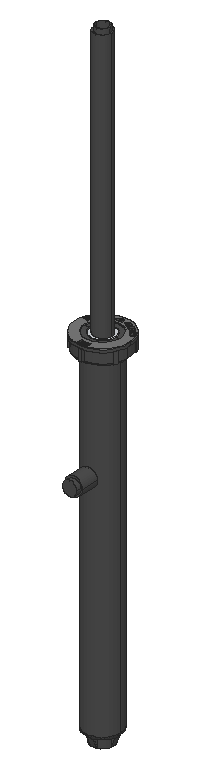
Revit family "Spray Bodies RD1800-S-P-30-F Series", category Acessórios do tubo, Revit 2020
Family settings
  Cota do conector redondo = Utilizar diâmetro
  Tipo de parte = Normal
  Número OmniClass = 23.60.30.11.14
  Título OmniClass = Pipework Fittings
  Com base no plano de trabalho = Não
  Sempre na vertical = Sim
  Corte com vazios quando carregada = Não
  Compartilhado = Não
Parameters (values of type "RD1812-S-P-30-F")
  White Plastic = White Plastic
  URL = "https://www.rainbird.com/"
  SupportProjetos: Reviw Date = "15/11/2020"  # constant formula
  SupportProjetos: Reviw = "R01"  # constant formula
  SupportProjetos: Level of Detail = "LOD 300"  # constant formula
  SupportProjetos: Developed = "MICHEL SOARES MOTA"  # constant formula
  SupportProjetos: Creation Date = "13/07/2020"  # constant formula
  Side inlet = Model > 1805  # yes
  RainBird: Product Link = "https://store.rainbird.com/sprinklers/spray-heads.html?sprays_sprayheadseries=117"
  RainBird: Description = "Spray Bodies Serie ED1800 - Model RD1812-S-P-30-F"
  RainBird: Comment [instance] = ""
  RT = 0.3015 cm
  RN = 1 cm
  R5 = 1 cm
  R4 = 1.25 cm
  R3 = 2 cm
  R2 = 2.85 cm
  R1 = 1 cm
  R-VAN = yes
  Pop up height = 30.5 cm
  Pop up on [instance] = yes
  Modelo = "RD1812-S-P-P30-F"
  Model = 1812
  H1 = Body height / 3  # 13.5333 cm
  Elevação padrão = 0 cm
  Descrição = RainBird: Description  # "Spray Bodies Serie ED1800 - Model RD1812-S-P-30-F"
  DT8 = 0.08 cm
  DT7 = 3.05 cm
  DT6 = 2 cm
  DT5 = 0.12 cm
  DT4 = 0.5 cm
  DT3 = 0.7973 cm
  DT2 = 1 cm
  DT1 = 1.4 cm
  DD9 = 2 cm
  DD8 [instance] = if(Pop up on, Pop up height, 0 cm)  # 30.5 cm
  DD7 = 0.6 cm
  DD6 = 0.3 cm
  DD5 = 0.2 cm
  DD3 = 1.8 cm
  DD2 = 0.5 cm
  DD13 = 1.5 cm
  DD12 [instance] = if(Pop up on, Pop up height + 1.51 cm, 0 cm)  # 32.01 cm
  DD11 = 0.6254 cm
  DD10 = 2.5 cm
  DD1 = 1.2 cm
  Conection = 1.91 cm  # constant formula
  Body height = 40.6 cm
  Black Plastic 2 = Black Plastic 2
  Black Plastic = Black Plastic
  Arch Angle [instance] = 180.00°
  AA1 = 135.00°
  1812 = yes
  1806 = no
  1804 = no
  180 = no
Types (4, lengths in cm): name | Side inlet | RainBird: Description | Pop up height | Modelo | Model | H1 | Descrição | DD9 | DD8 | DD12 | DD11 | DD10 | Body height | 1812 | 1806 | 1804 | 180
  (no name) | yes | "Spray Bodies Serie ED1800 - Model RD1812-S-P-30-F" | 30.5 | "RD1812-S-P-P30-F" | 1812 | 13.5333 | "Spray Bodies Serie ED1800 - Model RD1812-S-P-30-F" | 2 | 30.5 | 32.01 | 0.6254 | 2.5 | 40.6 | yes | no | no | no
  RD1804-S-P-30-F | no | "Spray Bodies Serie RD1800 - Model RD1804-S-P-30-F" | 10.2 | "RD1804-S-P-30-F" | 1804 | 5.0667 | "Spray Bodies Serie RD1800 - Model RD1804-S-P-30-F" | 1.3673 | 10.2 | 11.71 | 0.2 | 2.7818 | 15.2 | no | no | yes | yes
  RD1806-S-P-30-F | yes | "Spray Bodies Serie RD1800 - Model RD1806-S-P-30-F" | 15.2 | "RD1806-S-P-30-F" | 1806 | 7.9333 | "Spray Bodies Serie RD1800 - Model RD1806-S-P-30-F" | 1.3673 | 15.2 | 16.71 | 0.1 | 2.7818 | 23.8 | no | yes | no | yes
  RD1812-S-P-30-F | yes | "Spray Bodies Serie ED1800 - Model RD1812-S-P-30-F" | 30.5 | "RD1812-S-P-P30-F" | 1812 | 13.5333 | "Spray Bodies Serie ED1800 - Model RD1812-S-P-30-F" | 2 | 30.5 | 32.01 | 0.6254 | 2.5 | 40.6 | yes | no | no | no
Reference planes (cm)
  plane 1 "Centro (Frente/Trás)": y = 0
  plane 2: z = 0
  plane 3 "Centro (Esquerda/Direita)": x = 0
  plane 4: z = 0.12
  plane 5: z = 0.08
  plane 6: y = -2
Forms (cm)
  Revolve 1, solid, material "Black Plastic" <- "Black Plastic"
    sketch origin (0, 0, 0) x (1, 0, 0) y (0, 0, 1)
      loop
        line (2.85, -1.5672) -> (2.85, -0.3) -> (3.05, -0.3) -> (3.05, 0) -> (1.4, 0) -> (1.4, -1) -> (1, -1) -> (1, -30.5) -> (0.6, -30.5) -> (0.6, -39.4) -> (1, -39.4) -> (1, -40.6) -> (1.25, -40.6) -> (1.25, -39.4) -> (1.6985, -39.4)
        arc (1.6985, -39.4) -> (1.9117, -39.3117) -> (2, -39.0985) r 0.3015
        line (2, -39.0985) -> (2, -2.1015)
        arc (2, -2.1015) -> (2.0883, -1.8883) -> (2.3015, -1.8) r 0.3015
        line (2.3015, -1.8) -> (2.6172, -1.8) -> (2.85, -1.5672)
      axis (0, -40.6) -> (0, 0)
    angle from 0 to 360
  Extrusion 2, solid, material "Black Plastic" <- "Black Plastic"
    sketch origin (0, 0, 0) x (1, 0, 0) y (0, 1, 0)
      loop
        circle (0, 0) r 1
    from -30.5 to 30.5
  Extrusion 3, void
    sketch origin (0, 0, 0) x (1, 0, 0) y (0, 1, 0)
      loop
        circle (0, 0) r 1
      loop
        circle (0, 0) r 0.7973
    from 30 to 30.5
  Extrusion 4, solid, material "Black Plastic" <- "Black Plastic", visible <- "180"
    sketch origin (0, -2.5, 0) x (1, 0, 0) y (0, 1, 0)
      loop
        line (-2.231, 3.2135) -> (-2.1644, 3.3339) -> (-2.3679, 3.3844) -> (-2.2992, 3.5085) -> (-2.0365, 3.4904) -> (-1.9715, 3.608) -> (-2.2887, 3.6298) -> (-2.4263, 3.706) -> (-2.6398, 3.6445) -> (-2.8298, 3.3622) -> (-2.231, 3.2135)
      loop
        line (-2.6663, 3.4585) -> (-2.4339, 3.4008) -> (-2.3526, 3.5478) -> (-2.4178, 3.6107) -> (-2.5587, 3.5701) -> (-2.6663, 3.4585)
      loop
        line (-1.9163, 3.7039) -> (-1.8175, 3.8064) -> (-1.8808, 3.8933) -> (-1.7232, 4.0568) -> (-1.6371, 4.0092) -> (-1.5763, 4.1193) -> (-2.1283, 4.1963) -> (-2.2118, 4.1098) -> (-1.9163, 3.7039)
      loop
        line (-2.0723, 4.0915) -> (-1.9537, 3.9286) -> (-1.8139, 4.0736) -> (-2.0723, 4.0915)
      loop
        line (-1.8177, 4.5186) -> (-1.3486, 4.2146) -> (-1.2727, 4.2934) -> (-1.7417, 4.5974) -> (-1.8177, 4.5186)
      loop
        line (-1.1151, 4.372) -> (-1.0305, 4.4599) -> (-1.2636, 4.6846) -> (-0.7593, 4.6142) -> (-0.6667, 4.7103) -> (-1.0803, 5.0567) -> (-1.1605, 4.9984) -> (-0.8466, 4.7354) -> (-1.4131, 4.8145) -> (-1.5049, 4.7477) -> (-1.1151, 4.372)
      loop
        line (-0.4562, 4.9237) -> (-0.283, 4.8466) -> (-0.0843, 4.7934) -> (0, 4.9138) -> (0.2358, 4.8722) -> (0.2981, 4.9345) -> (0.116, 5.0156) -> (0.2085, 5.1477) -> (-0.0336, 5.3172) -> (-0.0336, 5.1849) -> (-0.0336, 5.0821) -> (-0.1724, 5.1439) -> (-0.2428, 5.1033) -> (-0.1476, 5.0081) -> (-0.274, 4.9621) -> (-0.4562, 4.9237)
      loop
        line (0.6147, 4.7728) -> (0.9327, 4.5929) -> (1.0885, 4.5721) -> (1.1808, 4.6694) -> (1.1317, 4.7723) -> (1.2619, 4.7549) -> (1.334, 4.8309) -> (1.2754, 4.9539) -> (0.9573, 5.1338) -> (0.6147, 4.7728)
      loop
        line (0.8462, 4.8897) -> (0.7501, 4.7884) -> (0.9556, 4.6722) -> (1.0744, 4.6732) -> (1.0734, 4.7801) -> (0.8462, 4.8897)
      loop
        line (0.9989, 5.0507) -> (0.9222, 4.9699) -> (1.1173, 4.8595) -> (1.2037, 4.8602) -> (1.1883, 4.9435) -> (0.9989, 5.0507)
      loop
        line (1.2199, 4.4305) -> (1.3171, 4.3754) -> (1.7079, 4.7092) -> (1.6106, 4.7642) -> (1.2199, 4.4305)
      loop
        line (1.9335, 4.5079) -> (1.472, 4.2878) -> (1.5637, 4.2008) -> (1.7245, 4.2775) -> (1.8813, 4.1484) -> (1.7689, 4.0299) -> (1.857, 3.9063) -> (1.985, 3.9976) -> (2.0031, 4.1334) -> (2.1114, 4.0951) -> (2.2369, 4.155) -> (2.156, 4.3246) -> (1.9335, 4.5079)
      loop
        line (1.9261, 4.4053) -> (1.8225, 4.3559) -> (1.9436, 4.2141) -> (2.1112, 4.2155) -> (2.0556, 4.3321) -> (1.9261, 4.4053)
      loop
        line (1.9557, 3.8215) -> (2.1968, 3.4836) -> (2.3925, 3.4143) -> (2.7137, 3.5675) -> (2.6804, 3.6964) -> (2.4921, 3.9603) -> (1.9557, 3.8215)
      loop
        line (2.1302, 3.7523) -> (2.2577, 3.5736) -> (2.4889, 3.5756) -> (2.5959, 3.652) -> (2.4629, 3.8384) -> (2.1302, 3.7523)
      loop
        line (-0.516, -0.0627) -> (-0.4245, -0.0627) -> (-0.4245, -0.3834) -> (-0.3366, -0.3834) -> (-0.3366, 0.1166) -> (-0.516, -0.0627)
      loop
        line (-0.2745, 0.1165) -> (-0.2745, -0.3834) -> (-0.0345, -0.3834) -> (-0.0345, 0.1165) -> (-0.2745, 0.1165)
      loop
        line (-0.1945, 0.0365) -> (-0.1945, -0.0861) -> (-0.1145, -0.0861) -> (-0.1145, 0.0365) -> (-0.1945, 0.0365)
      loop
        line (-0.1945, -0.1661) -> (-0.1945, -0.3034) -> (-0.1145, -0.3034) -> (-0.1145, -0.1661) -> (-0.1945, -0.1661)
      loop
        line (0.0395, 0.1165) -> (0.0395, -0.3834) -> (0.2795, -0.3834) -> (0.2795, 0.1165) -> (0.0395, 0.1165)
      loop
        line (0.1195, 0.0365) -> (0.1195, -0.3034) -> (0.1995, -0.3034) -> (0.1995, 0.0365) -> (0.1195, 0.0365)
    from 0 to 0.12
  Extrusion 5, solid, material "Black Plastic 2" <- "Black Plastic 2"
    sketch origin (0, 0, 0) x (1, 0, 0) y (0, 1, 0)
      loop
        circle (0, 0) r 3.05
      loop
        circle (0, 0) r 2
    from 0 to 0.08
  Extrusion 6, solid, material "Black Plastic" <- "Black Plastic", visible <- "Side inlet"
    sketch origin (0, 0, 0) x (1, 0, 0) y (0, 0, 1)
      loop
        circle (0, -13.5333) r 1
    from 2 to 4
  Extrusion 7, solid, material "Black Plastic" <- "Black Plastic", visible <- "Side inlet"
    sketch origin (0, 0, 0) x (1, 0, 0) y (0, 0, 1)
      loop
        circle (0, -13.5333) r 0.7964
    from 4 to 4.5
  Extrusion 8, void
    sketch origin (0, 0, 0) x (1, 0, 0) y (0, 1, 0)
      loop
        circle (0, 0) r 0.6963
    from -30.5 to 30.5
  Extrusion 9, solid, material "Black Plastic" <- "Black Plastic"
    sketch origin (0, 0, 0) x (0, 1, 0) y (0, 0, 1)
      loop
        line (1.25, -39.4) -> (1.25, -40.6) -> (1.75, -39.4) -> (1.25, -39.4)
      loop
        line (-1.25, -39.4) -> (-1.75, -39.4) -> (-1.25, -40.6) -> (-1.25, -39.4)
    from -0.3127 to 0.3127
  Extrusion 10, solid, material "Black Plastic" <- "Black Plastic"
    sketch origin (0, 0, 0) x (-1, 0, 0) y (0, 0, 1)
      loop
        line (1.25, -39.4) -> (1.25, -40.6) -> (1.75, -39.4) -> (1.25, -39.4)
      loop
        line (-1.25, -39.4) -> (-1.75, -39.4) -> (-1.25, -40.6) -> (-1.25, -39.4)
    from -0.3127 to 0.3127
  Extrusion 11, solid, material "Black Plastic" <- "Black Plastic", visible <- "1804"
    sketch origin (0.5778, -2.5, 0) x (1, 0, 0) y (0, 1, 0)
      loop
        line (-0.268, -0.156) -> (-0.108, -0.156) -> (-0.108, -0.3834) -> (-0.024, -0.3834) -> (-0.024, 0.1165) -> (-0.108, 0.1165) -> (-0.108, -0.0861) -> (-0.188, -0.0861) -> (-0.188, 0.1165) -> (-0.268, 0.1165) -> (-0.268, -0.156)
    from 0 to 0.12
  Extrusion 12, solid, material "Black Plastic" <- "Black Plastic", visible <- "1806"
    sketch origin (0.5778, -2.5, 0) x (1, 0, 0) y (0, 1, 0)
      loop
        line (-0.268, -0.3834) -> (-0.024, -0.3834) -> (-0.024, -0.0861) -> (-0.188, -0.0861) -> (-0.188, 0.0365) -> (-0.024, 0.0365) -> (-0.024, 0.1165) -> (-0.268, 0.1165) -> (-0.268, -0.3834)
      loop
        line (-0.188, -0.1661) -> (-0.188, -0.3034) -> (-0.108, -0.3034) -> (-0.108, -0.1661) -> (-0.188, -0.1661)
    from 0 to 0.12
  Extrusion 13, solid, material "Black Plastic" <- "Black Plastic", visible <- "1812"
    sketch origin (0, -2.5, 0) x (1, 0, 0) y (0, 1, 0)
      loop
        line (-2.231, 3.2135) -> (-2.1644, 3.3339) -> (-2.3679, 3.3844) -> (-2.2992, 3.5085) -> (-2.0365, 3.4904) -> (-1.9715, 3.608) -> (-2.2887, 3.6298) -> (-2.4263, 3.706) -> (-2.6398, 3.6445) -> (-2.8298, 3.3622) -> (-2.231, 3.2135)
      loop
        line (-2.6663, 3.4585) -> (-2.4339, 3.4008) -> (-2.3526, 3.5478) -> (-2.4178, 3.6107) -> (-2.5587, 3.5701) -> (-2.6663, 3.4585)
      loop
        line (-1.9163, 3.7039) -> (-1.8175, 3.8064) -> (-1.8808, 3.8933) -> (-1.7232, 4.0568) -> (-1.6371, 4.0092) -> (-1.5763, 4.1193) -> (-2.1283, 4.1963) -> (-2.2118, 4.1098) -> (-1.9163, 3.7039)
      loop
        line (-2.0723, 4.0915) -> (-1.9537, 3.9286) -> (-1.8139, 4.0736) -> (-2.0723, 4.0915)
      loop
        line (-1.8177, 4.5186) -> (-1.3486, 4.2146) -> (-1.2727, 4.2934) -> (-1.7417, 4.5974) -> (-1.8177, 4.5186)
      loop
        line (-1.1151, 4.372) -> (-1.0305, 4.4599) -> (-1.2636, 4.6846) -> (-0.7593, 4.6142) -> (-0.6667, 4.7103) -> (-1.0803, 5.0567) -> (-1.1605, 4.9984) -> (-0.8466, 4.7354) -> (-1.4131, 4.8145) -> (-1.5049, 4.7477) -> (-1.1151, 4.372)
      loop
        line (-0.4562, 4.9237) -> (-0.283, 4.8466) -> (-0.0843, 4.7934) -> (0, 4.9138) -> (0.2358, 4.8722) -> (0.2981, 4.9345) -> (0.116, 5.0156) -> (0.2085, 5.1477) -> (-0.0336, 5.3172) -> (-0.0336, 5.1849) -> (-0.0336, 5.0821) -> (-0.1724, 5.1439) -> (-0.2428, 5.1033) -> (-0.1476, 5.0081) -> (-0.274, 4.9621) -> (-0.4562, 4.9237)
      loop
        line (0.6147, 4.7728) -> (0.9327, 4.5929) -> (1.0885, 4.5721) -> (1.1808, 4.6694) -> (1.1317, 4.7723) -> (1.2619, 4.7549) -> (1.334, 4.8309) -> (1.2754, 4.9539) -> (0.9573, 5.1338) -> (0.6147, 4.7728)
      loop
        line (0.8462, 4.8897) -> (0.7501, 4.7884) -> (0.9556, 4.6722) -> (1.0744, 4.6732) -> (1.0734, 4.7801) -> (0.8462, 4.8897)
      loop
        line (0.9989, 5.0507) -> (0.9222, 4.9699) -> (1.1173, 4.8595) -> (1.2037, 4.8602) -> (1.1883, 4.9435) -> (0.9989, 5.0507)
      loop
        line (1.2199, 4.4305) -> (1.3171, 4.3754) -> (1.7079, 4.7092) -> (1.6106, 4.7642) -> (1.2199, 4.4305)
      loop
        line (1.9335, 4.5079) -> (1.472, 4.2878) -> (1.5637, 4.2008) -> (1.7245, 4.2775) -> (1.8813, 4.1484) -> (1.7689, 4.0299) -> (1.857, 3.9063) -> (1.985, 3.9976) -> (2.0031, 4.1334) -> (2.1114, 4.0951) -> (2.2369, 4.155) -> (2.156, 4.3246) -> (1.9335, 4.5079)
      loop
        line (1.9261, 4.4053) -> (1.8225, 4.3559) -> (1.9436, 4.2141) -> (2.1112, 4.2155) -> (2.0556, 4.3321) -> (1.9261, 4.4053)
      loop
        line (1.9557, 3.8215) -> (2.1968, 3.4836) -> (2.3925, 3.4143) -> (2.7137, 3.5675) -> (2.6804, 3.6964) -> (2.4921, 3.9603) -> (1.9557, 3.8215)
      loop
        line (2.1302, 3.7523) -> (2.2577, 3.5736) -> (2.4889, 3.5756) -> (2.5959, 3.652) -> (2.4629, 3.8384) -> (2.1302, 3.7523)
      loop
        line (-0.516, -0.0625) -> (-0.4245, -0.0625) -> (-0.4245, -0.3832) -> (-0.3366, -0.3832) -> (-0.3366, 0.1168) -> (-0.516, -0.0625)
      loop
        line (-0.2745, 0.1166) -> (-0.2745, -0.3832) -> (-0.0345, -0.3832) -> (-0.0345, 0.1166) -> (-0.2745, 0.1166)
      loop
        line (-0.1945, 0.0366) -> (-0.1945, -0.086) -> (-0.1145, -0.086) -> (-0.1145, 0.0366) -> (-0.1945, 0.0366)
      loop
        line (-0.1945, -0.166) -> (-0.1945, -0.3032) -> (-0.1145, -0.3032) -> (-0.1145, -0.166) -> (-0.1945, -0.166)
      loop
        line (0.2795, 0.1166) -> (0.1002, -0.0625) -> (0.1916, -0.0625) -> (0.1916, -0.3831) -> (0.2795, -0.3831) -> (0.2795, 0.1166)
      loop
        line (0.3097, 0.1165) -> (0.3097, 0.0365) -> (0.4697, 0.0365) -> (0.4697, -0.0861) -> (0.3097, -0.0861) -> (0.3097, -0.3834) -> (0.5537, -0.3834) -> (0.5537, -0.3032) -> (0.3897, -0.3032) -> (0.3897, -0.1664) -> (0.5537, -0.1664) -> (0.5537, 0.1165) -> (0.3097, 0.1165)
    from 0 to 0.12
  Extrusion 14, solid, material "Black Plastic" <- "Black Plastic"
    sketch origin (0, 0, 0) x (1, 0, 0) y (0, 1, 0)
      loop
        line (-0.1873, 3.0442) -> (-0.1873, 2.8126)
        arc (-0.1873, 2.8126) -> (0, 2.8188) -> (0.1873, 2.8126) r 2.8188
        line (0.1873, 2.8126) -> (0.1873, 3.0442)
        arc (0.1873, 3.0442) -> (0, 3.05) -> (-0.1873, 3.0442) r 3.05
      loop
        arc (-0.1873, -3.0442) -> (0, -3.05) -> (0.1873, -3.0442) r 3.05
        line (0.1873, -3.0442) -> (0.1873, -2.8126)
        arc (0.1873, -2.8126) -> (0, -2.8188) -> (-0.1873, -2.8126) r 2.8188
        line (-0.1873, -2.8126) -> (-0.1873, -3.0442)
      loop
        line (-2.73, 1.3599) -> (-2.5294, 1.2441)
        arc (-2.5294, 1.2441) -> (-2.4411, 1.4094) -> (-2.3421, 1.5685) r 2.8188
        line (-2.3421, 1.5685) -> (-2.5427, 1.6843)
        arc (-2.5427, 1.6843) -> (-2.6414, 1.525) -> (-2.73, 1.3599) r 3.05
      loop
        arc (2.5427, -1.6843) -> (2.6414, -1.525) -> (2.73, -1.3599) r 3.05
        line (2.73, -1.3599) -> (2.5294, -1.2441)
        arc (2.5294, -1.2441) -> (2.4411, -1.4094) -> (2.3421, -1.5685) r 2.8188
        line (2.3421, -1.5685) -> (2.5427, -1.6843)
      loop
        line (-2.5427, -1.6843) -> (-2.3421, -1.5685)
        arc (-2.3421, -1.5685) -> (-2.4411, -1.4094) -> (-2.5294, -1.2441) r 2.8188
        line (-2.5294, -1.2441) -> (-2.73, -1.3599)
        arc (-2.73, -1.3599) -> (-2.6414, -1.525) -> (-2.5427, -1.6843) r 3.05
      loop
        arc (2.73, 1.3599) -> (2.6414, 1.525) -> (2.5427, 1.6843) r 3.05
        line (2.5427, 1.6843) -> (2.3421, 1.5685)
        arc (2.3421, 1.5685) -> (2.4411, 1.4094) -> (2.5294, 1.2441) r 2.8188
        line (2.5294, 1.2441) -> (2.73, 1.3599)
    from -1.5672 to -0.3
Cuts and joins
  Extrusion 3, Extrusion 8 cuts Extrusion 2
Dimensions and locks (cm)
  "Body height": level to Revolve 1 sketch curve
  "R2": Revolve 1 sketch curve to plane 3 "Centro (Esquerda/Direita)"
  "DD1": Revolve 1 sketch curve to Revolve 1 sketch curve
  "DD3": level to Revolve 1 sketch curve
  "R3": Revolve 1 sketch curve to plane 3 "Centro (Esquerda/Direita)"
  "R4": Revolve 1 sketch curve to plane 3 "Centro (Esquerda/Direita)"
  "DD5": Revolve 1 sketch curve to Revolve 1 sketch curve
  "DD6": level to Revolve 1 sketch curve
  "RN": Revolve 1 sketch curve to plane 3 "Centro (Esquerda/Direita)"
  "Pop up height": level to Revolve 1 sketch curve
  "R5": plane 3 "Centro (Esquerda/Direita)" to Revolve 1 sketch curve
  "DD7": Revolve 1 sketch curve to plane 3 "Centro (Esquerda/Direita)"
  "DT1": plane 3 "Centro (Esquerda/Direita)" to Revolve 1 sketch curve
  "DT2": level to Revolve 1 sketch curve
  "DD8": Extrusion 2 to level
  "DT4": cut or joined group of Extrusion 2, Extrusion 3, Extrusion 8 to cut or joined group of Extrusion 2, Extrusion 3, Extrusion 8
  "DT5": plane 4 to level
  "DT8": plane 5 to level
  "H1": level to Extrusion 6 sketch curve
  "R3": plane 6 to plane 1 "Centro (Frente/Trás)"
  "DD9": Extrusion 6 to plane 6
  locked: Extrusion 7 to Extrusion 6 at 0.5
  "H1": level to Extrusion 7 sketch curve
  equal spacing: Extrusion 9, plane 3 "Centro (Esquerda/Direita)", Extrusion 9
  "DD11": Extrusion 9 to Extrusion 9
  equal spacing: Extrusion 10, plane 1 "Centro (Frente/Trás)", Extrusion 10
  "DD11": Extrusion 10 to Extrusion 10
  plane 3 "Centro (Esquerda/Direita)" to Extrusion 14 = 0.1873 cm
  "RT": radius of Revolve 1 sketch curve  (x2)
  "R1": radius of Extrusion 2 sketch curve
  "R1": radius of Extrusion 3 sketch curve
  "DT3": radius of Extrusion 3 sketch curve
  "DT6": radius of Extrusion 5 sketch curve
  "DT7": radius of Extrusion 5 sketch curve
  "AA1": angle Revolve 1 sketch curve to Revolve 1 sketch curve
  aligned and locked: level to plane 2
  aligned and locked: level to Revolve 1 sketch curve
  aligned and locked: Revolve 1 sketch curve to Revolve 1 sketch curve
  aligned and locked: Extrusion 2 to Revolve 1
  aligned and locked: cut or joined group of Extrusion 2, Extrusion 3, Extrusion 8 to cut or joined group of Extrusion 2, Extrusion 3, Extrusion 8  (x3)
  aligned and locked: Extrusion 4 to level
  aligned and locked: plane 4 to Extrusion 4
  aligned and locked: Extrusion 5 to level
  aligned and locked: plane 5 to Extrusion 5
  aligned and locked: plane 6 to Extrusion 6
  aligned and locked: Extrusion 7 to Extrusion 6
  aligned and locked: Extrusion 9 to Revolve 1
  aligned and locked: Extrusion 10 to Revolve 1
  aligned and locked: Revolve 1 to Extrusion 10
  aligned and locked: Revolve 1 to Extrusion 9
  aligned and locked: Revolve 1 to Extrusion 14  (x2)
Automatic sketch dimensions
  plane 1 "Centro (Frente/Trás)" to Extrusion 2 sketch curve = 0 cm
  Extrusion 2 sketch curve to plane 3 "Centro (Esquerda/Direita)" = 0 cm
  Extrusion 4 sketch curve to plane 3 "Centro (Esquerda/Direita)" = 0 cm
  Extrusion 4 sketch curve to plane 3 "Centro (Esquerda/Direita)" = 0.0336 cm
  Extrusion 4 sketch curve to plane 3 "Centro (Esquerda/Direita)" = 0.0345 cm
  Extrusion 4 sketch curve to plane 3 "Centro (Esquerda/Direita)" = 0.0843 cm
  Extrusion 4 sketch curve to plane 3 "Centro (Esquerda/Direita)" = 0.1145 cm
  Extrusion 4 sketch curve to Extrusion 4 sketch curve = 0.08 cm  (x11)
  Extrusion 4 sketch curve to Extrusion 4 sketch curve = 0.114 cm
  Extrusion 4 sketch curve to Extrusion 4 sketch curve = 0.0248 cm
  Extrusion 4 sketch curve to Extrusion 4 sketch curve = 0.0704 cm
  Extrusion 4 sketch curve to Extrusion 4 sketch curve = 0.1264 cm
  Extrusion 4 sketch curve to Extrusion 4 sketch curve = 0.009 cm
  Extrusion 4 sketch curve to Extrusion 4 sketch curve = 0.0622 cm  (x3)
  Extrusion 4 sketch curve to Extrusion 4 sketch curve = 0.0879 cm
  Extrusion 4 sketch curve to Extrusion 4 sketch curve = 0.1822 cm
  Extrusion 4 sketch curve to Extrusion 4 sketch curve = 0.0914 cm
  Extrusion 4 sketch curve to Extrusion 4 sketch curve = 0.2105 cm
  Extrusion 4 sketch curve to Extrusion 4 sketch curve = 0.0927 cm
  Extrusion 4 sketch curve to Extrusion 4 sketch curve = 0.0872 cm  (x2)
  Extrusion 4 sketch curve to Extrusion 4 sketch curve = 0.2711 cm
  Extrusion 4 sketch curve to Extrusion 4 sketch curve = 0.2338 cm
  Extrusion 4 sketch curve to Extrusion 4 sketch curve = 0.0847 cm  (x2)
  Extrusion 4 sketch curve to Extrusion 4 sketch curve = 0.0802 cm
  Extrusion 4 sketch curve to Extrusion 4 sketch curve = 0.2331 cm
  Extrusion 4 sketch curve to Extrusion 4 sketch curve = 0.1575 cm
  Extrusion 4 sketch curve to Extrusion 4 sketch curve = 0.0759 cm  (x2)
  Extrusion 4 sketch curve to Extrusion 4 sketch curve = 0.1495 cm
  Extrusion 4 sketch curve to Extrusion 4 sketch curve = 0.0917 cm  (x2)
  Extrusion 4 sketch curve to Extrusion 4 sketch curve = 0.2277 cm
  Extrusion 4 sketch curve to Extrusion 4 sketch curve = 0.0609 cm  (x2)
  Extrusion 4 sketch curve to Extrusion 4 sketch curve = 0.0861 cm
  Extrusion 4 sketch curve to Extrusion 4 sketch curve = 0.2369 cm
  Extrusion 4 sketch curve to Extrusion 4 sketch curve = 0.0907 cm
  Extrusion 4 sketch curve to Extrusion 4 sketch curve = 0.0037 cm
  Extrusion 4 sketch curve to Extrusion 4 sketch curve = 0.0633 cm
  Extrusion 4 sketch curve to Extrusion 4 sketch curve = 0.0988 cm
  Extrusion 4 sketch curve to Extrusion 4 sketch curve = 0.0729 cm
  Extrusion 4 sketch curve to Extrusion 4 sketch curve = 0.0551 cm
  Extrusion 4 sketch curve to plane 1 "Centro (Frente/Trás)" = 0.9904 cm
  Extrusion 4 sketch curve to Extrusion 4 sketch curve = 0.065 cm
  Extrusion 4 sketch curve to Extrusion 4 sketch curve = 0.1186 cm
  Extrusion 4 sketch curve to Extrusion 4 sketch curve = 0.056 cm
  Extrusion 4 sketch curve to plane 1 "Centro (Frente/Trás)" = 0.8339 cm
  Extrusion 4 sketch curve to Extrusion 4 sketch curve = 0.1279 cm
  Extrusion 4 sketch curve to Extrusion 4 sketch curve = 0.0835 cm
  Extrusion 4 sketch curve to plane 1 "Centro (Frente/Trás)" = 0.7135 cm
  Extrusion 4 sketch curve to Extrusion 4 sketch curve = 0.0666 cm  (x2)
  Extrusion 4 sketch curve to plane 1 "Centro (Frente/Trás)" = 1.1298 cm
  Extrusion 4 sketch curve to Extrusion 4 sketch curve = 0.2521 cm
  Extrusion 4 sketch curve to plane 1 "Centro (Frente/Trás)" = 1.0085 cm
  Extrusion 4 sketch curve to Extrusion 4 sketch curve = 0.0106 cm
  Extrusion 4 sketch curve to plane 1 "Centro (Frente/Trás)" = 1.0478 cm
  Extrusion 4 sketch curve to Extrusion 4 sketch curve = 0.0534 cm
  Extrusion 4 sketch curve to plane 1 "Centro (Frente/Trás)" = 0.8844 cm
  Extrusion 4 sketch curve to Extrusion 4 sketch curve = 0.0686 cm
  Extrusion 4 sketch curve to plane 1 "Centro (Frente/Trás)" = 1.1107 cm
  Extrusion 4 sketch curve to Extrusion 4 sketch curve = 0.0652 cm
  Extrusion 4 sketch curve to plane 1 "Centro (Frente/Trás)" = 1.206 cm
  Extrusion 4 sketch curve to Extrusion 4 sketch curve = 0.0084 cm
  Extrusion 4 sketch curve to plane 1 "Centro (Frente/Trás)" = 0.9008 cm
  Extrusion 4 sketch curve to Extrusion 4 sketch curve = 0.066 cm
  Extrusion 4 sketch curve to plane 1 "Centro (Frente/Trás)" = 1.0701 cm
  Extrusion 4 sketch curve to Extrusion 4 sketch curve = 0.1408 cm
  Extrusion 4 sketch curve to plane 1 "Centro (Frente/Trás)" = 1.1445 cm
  Extrusion 4 sketch curve to Extrusion 4 sketch curve = 0.0811 cm  (x2)
  Extrusion 4 sketch curve to plane 1 "Centro (Frente/Trás)" = 0.9585 cm
  Extrusion 4 sketch curve to Extrusion 4 sketch curve = 0.1076 cm
  Extrusion 4 sketch curve to plane 1 "Centro (Frente/Trás)" = 0.8622 cm
  Extrusion 4 sketch curve to Extrusion 4 sketch curve = 0.1635 cm
  plane 3 "Centro (Esquerda/Direita)" to Extrusion 4 sketch curve = 0.0395 cm
  plane 3 "Centro (Esquerda/Direita)" to Extrusion 4 sketch curve = 0.116 cm
  Extrusion 4 sketch curve to Extrusion 4 sketch curve = 0.0925 cm
  Extrusion 4 sketch curve to Extrusion 4 sketch curve = 0.1199 cm
  Extrusion 4 sketch curve to Extrusion 4 sketch curve = 0.3166 cm
  Extrusion 4 sketch curve to Extrusion 4 sketch curve = 0.1353 cm
  Extrusion 4 sketch curve to Extrusion 4 sketch curve = 0.0961 cm  (x2)
  Extrusion 4 sketch curve to Extrusion 4 sketch curve = 0.076 cm  (x2)
  Extrusion 4 sketch curve to Extrusion 4 sketch curve = 0.1827 cm
  Extrusion 4 sketch curve to Extrusion 4 sketch curve = 0.0229 cm
  Extrusion 4 sketch curve to Extrusion 4 sketch curve = 0.0351 cm
  Extrusion 4 sketch curve to Extrusion 4 sketch curve = 0.0416 cm
  Extrusion 4 sketch curve to Extrusion 4 sketch curve = 0.1178 cm
  Extrusion 4 sketch curve to Extrusion 4 sketch curve = 0.0009 cm
  Extrusion 4 sketch curve to Extrusion 4 sketch curve = 0.0141 cm
  Extrusion 4 sketch curve to Extrusion 4 sketch curve = 0.0439 cm
  Extrusion 4 sketch curve to Extrusion 4 sketch curve = 0.0583 cm
  Extrusion 4 sketch curve to Extrusion 4 sketch curve = 0.1064 cm
  Extrusion 4 sketch curve to Extrusion 4 sketch curve = 0.071 cm
  Extrusion 4 sketch curve to Extrusion 4 sketch curve = 0.0154 cm
  Extrusion 4 sketch curve to Extrusion 4 sketch curve = 0.1314 cm
  Extrusion 4 sketch curve to Extrusion 4 sketch curve = 0.0871 cm
  Extrusion 4 sketch curve to Extrusion 4 sketch curve = 0.0973 cm  (x3)
  Extrusion 4 sketch curve to Extrusion 4 sketch curve = 0.0721 cm
  Extrusion 4 sketch curve to Extrusion 4 sketch curve = 0.1549 cm
  Extrusion 4 sketch curve to Extrusion 4 sketch curve = 0.2766 cm
  Extrusion 4 sketch curve to Extrusion 4 sketch curve = 0.1608 cm
  Extrusion 4 sketch curve to Extrusion 4 sketch curve = 0.0443 cm
  Extrusion 4 sketch curve to Extrusion 4 sketch curve = 0.098 cm
  Extrusion 4 sketch curve to Extrusion 4 sketch curve = 0.0882 cm
  Extrusion 4 sketch curve to Extrusion 4 sketch curve = 0.1125 cm
  Extrusion 4 sketch curve to Extrusion 4 sketch curve = 0.1036 cm
  Extrusion 4 sketch curve to Extrusion 4 sketch curve = 0.0073 cm
  Extrusion 4 sketch curve to Extrusion 4 sketch curve = 0.0623 cm
  Extrusion 4 sketch curve to Extrusion 4 sketch curve = 0.0987 cm
  Extrusion 4 sketch curve to Extrusion 4 sketch curve = 0.128 cm
  Extrusion 4 sketch curve to Extrusion 4 sketch curve = 0.0595 cm
  Extrusion 4 sketch curve to Extrusion 4 sketch curve = 0.1295 cm
  Extrusion 4 sketch curve to Extrusion 4 sketch curve = 0.0556 cm
  Extrusion 4 sketch curve to Extrusion 4 sketch curve = 0.1083 cm
  Extrusion 4 sketch curve to Extrusion 4 sketch curve = 0.1745 cm
  Extrusion 4 sketch curve to Extrusion 4 sketch curve = 0.1004 cm
  Extrusion 4 sketch curve to plane 1 "Centro (Frente/Trás)" = 0.9836 cm
  Extrusion 4 sketch curve to Extrusion 4 sketch curve = 0.1255 cm
  Extrusion 4 sketch curve to plane 1 "Centro (Frente/Trás)" = 1.0736 cm
  Extrusion 4 sketch curve to plane 1 "Centro (Frente/Trás)" = 0.9143 cm
  Extrusion 4 sketch curve to Extrusion 4 sketch curve = 0.1957 cm
  Extrusion 4 sketch curve to Extrusion 4 sketch curve = 0.2053 cm
  Extrusion 4 sketch curve to plane 1 "Centro (Frente/Trás)" = 1.0756 cm
  Extrusion 4 sketch curve to Extrusion 4 sketch curve = 0.0964 cm
  Extrusion 4 sketch curve to Extrusion 4 sketch curve = 0.0292 cm
  Extrusion 4 sketch curve to plane 1 "Centro (Frente/Trás)" = 1.152 cm
  Extrusion 4 sketch curve to Extrusion 4 sketch curve = 0.107 cm
  Extrusion 4 sketch curve to plane 1 "Centro (Frente/Trás)" = 1.1964 cm
  Extrusion 4 sketch curve to Extrusion 4 sketch curve = 0.0844 cm
  Extrusion 4 sketch curve to plane 1 "Centro (Frente/Trás)" = 1.0675 cm
  Extrusion 4 sketch curve to Extrusion 4 sketch curve = 0.0333 cm
  Extrusion 4 sketch curve to plane 6 = 0.3834 cm
  Extrusion 4 sketch curve to Extrusion 4 sketch curve = 0.0001 cm
  Extrusion 4 sketch curve to Extrusion 4 sketch curve = 0 cm  (x4)
  Extrusion 4 sketch curve to Extrusion 4 sketch curve = 0.1793 cm
  Extrusion 4 sketch curve to Extrusion 4 sketch curve = 0.1226 cm
  Extrusion 4 sketch curve to Extrusion 4 sketch curve = 0.1372 cm
  Extrusion 4 sketch curve to Extrusion 4 sketch curve = 0.1176 cm
  Extrusion 4 sketch curve to Extrusion 4 sketch curve = 0.096 cm
  Extrusion 4 sketch curve to Extrusion 4 sketch curve = 0.1787 cm
  Extrusion 4 sketch curve to Extrusion 4 sketch curve = 0.1025 cm
  Extrusion 4 sketch curve to Extrusion 4 sketch curve = 0.0692 cm
  Extrusion 4 sketch curve to Extrusion 4 sketch curve = 0.0869 cm
  Extrusion 4 sketch curve to Extrusion 4 sketch curve = 0.0353 cm
  Extrusion 4 sketch curve to Extrusion 4 sketch curve = 0.1219 cm
  Extrusion 4 sketch curve to Extrusion 4 sketch curve = 0.0913 cm
  Extrusion 4 sketch curve to Extrusion 4 sketch curve = 0.1159 cm
  Extrusion 4 sketch curve to Extrusion 4 sketch curve = 0.0476 cm
  Extrusion 4 sketch curve to Extrusion 4 sketch curve = 0.0168 cm
  Extrusion 4 sketch curve to Extrusion 4 sketch curve = 0.1629 cm
  Extrusion 4 sketch curve to Extrusion 4 sketch curve = 0.0975 cm
  Extrusion 4 sketch curve to Extrusion 4 sketch curve = 0.0183 cm
  Extrusion 4 sketch curve to Extrusion 4 sketch curve = 0.0383 cm
  Extrusion 4 sketch curve to Extrusion 4 sketch curve = 0.015 cm
  Extrusion 4 sketch curve to Extrusion 4 sketch curve = 0.0599 cm
  Extrusion 4 sketch curve to Extrusion 4 sketch curve = 0.1049 cm
  Extrusion 4 sketch curve to Extrusion 4 sketch curve = 0.1709 cm
  Extrusion 4 sketch curve to Extrusion 4 sketch curve = 0.0657 cm
  Extrusion 4 sketch curve to Extrusion 4 sketch curve = 0.0953 cm
  Extrusion 4 sketch curve to Extrusion 4 sketch curve = 0.1091 cm
  Extrusion 4 sketch curve to Extrusion 4 sketch curve = 0.0767 cm
  Extrusion 4 sketch curve to Extrusion 4 sketch curve = 0.087 cm
  Extrusion 4 sketch curve to Extrusion 4 sketch curve = 0.0788 cm  (x3)
  Extrusion 4 sketch curve to Extrusion 4 sketch curve = 0.0074 cm
  Extrusion 4 sketch curve to Extrusion 4 sketch curve = 0.0783 cm
  Extrusion 4 sketch curve to Extrusion 4 sketch curve = 0.0787 cm
  Extrusion 4 sketch curve to Extrusion 4 sketch curve = 0.0876 cm
  Extrusion 4 sketch curve to Extrusion 4 sketch curve = 0.0494 cm
  Extrusion 4 sketch curve to Extrusion 4 sketch curve = 0.055 cm  (x2)
  Extrusion 4 sketch curve to Extrusion 4 sketch curve = 0.0878 cm
  Extrusion 4 sketch curve to Extrusion 4 sketch curve = 0.1026 cm
  Extrusion 4 sketch curve to Extrusion 4 sketch curve = 0.2291 cm
  Extrusion 4 sketch curve to Extrusion 4 sketch curve = 0.1417 cm
  Extrusion 4 sketch curve to Extrusion 4 sketch curve = 0.0208 cm
  Extrusion 4 sketch curve to Extrusion 4 sketch curve = 0.1543 cm
  Extrusion 4 sketch curve to Extrusion 4 sketch curve = 0.0792 cm
  Extrusion 4 sketch curve to Extrusion 4 sketch curve = 0.1011 cm
  Extrusion 4 sketch curve to Extrusion 4 sketch curve = 0.2013 cm
  Extrusion 4 sketch curve to Extrusion 4 sketch curve = 0.1212 cm
  Extrusion 4 sketch curve to Extrusion 4 sketch curve = 0.0855 cm
  Extrusion 4 sketch curve to Extrusion 4 sketch curve = 0.0078 cm
  Extrusion 4 sketch curve to Extrusion 4 sketch curve = 0.1007 cm
  Extrusion 4 sketch curve to Extrusion 4 sketch curve = 0.0156 cm
  Extrusion 4 sketch curve to Extrusion 4 sketch curve = 0.0831 cm
  Extrusion 4 sketch curve to Extrusion 4 sketch curve = 0.0668 cm
  Extrusion 4 sketch curve to Extrusion 4 sketch curve = 0.0532 cm
  Extrusion 4 sketch curve to Extrusion 4 sketch curve = 0.0008 cm
  Extrusion 4 sketch curve to Extrusion 4 sketch curve = 0.1013 cm
  Extrusion 4 sketch curve to Extrusion 4 sketch curve = 0.1204 cm
  Extrusion 4 sketch curve to Extrusion 4 sketch curve = 0.0771 cm
  Extrusion 4 sketch curve to Extrusion 4 sketch curve = 0.0832 cm  (x2)
  Extrusion 4 sketch curve to Extrusion 4 sketch curve = 0.0104 cm
  Extrusion 4 sketch curve to Extrusion 4 sketch curve = 0.1155 cm
  Extrusion 4 sketch curve to Extrusion 4 sketch curve = 0.0801 cm
  Extrusion 4 sketch curve to Extrusion 4 sketch curve = 0.1839 cm
  Extrusion 4 sketch curve to Extrusion 4 sketch curve = 0.046 cm
  Extrusion 4 sketch curve to Extrusion 4 sketch curve = 0.1018 cm
  Extrusion 4 sketch curve to Extrusion 4 sketch curve = 0.0808 cm
  Extrusion 4 sketch curve to Extrusion 4 sketch curve = 0.0584 cm
  Extrusion 4 sketch curve to Extrusion 4 sketch curve = 0.074 cm
  Extrusion 4 sketch curve to Extrusion 4 sketch curve = 0.0952 cm
  Extrusion 4 sketch curve to Extrusion 4 sketch curve = 0.0406 cm
  Extrusion 4 sketch curve to Extrusion 4 sketch curve = 0.1321 cm
  Extrusion 4 sketch curve to Extrusion 4 sketch curve = 0.1028 cm
  plane 1 "Centro (Frente/Trás)" to Extrusion 8 sketch curve = 0 cm
  Extrusion 8 sketch curve to plane 3 "Centro (Esquerda/Direita)" = 0 cm
  plane 6 to Extrusion 9 sketch curve = 0.25 cm
  plane 6 to Extrusion 9 sketch curve = 0.75 cm
  Extrusion 9 sketch curve to plane 1 "Centro (Frente/Trás)" = 1.25 cm
  Extrusion 9 sketch curve to Extrusion 9 sketch curve = 0.5 cm
  Extrusion 9 sketch curve to level = 40.6 cm
  Extrusion 9 sketch curve to Extrusion 9 sketch curve = 0 cm
  Extrusion 9 sketch curve to Extrusion 9 sketch curve = 1.2 cm  (x2)
  plane 3 "Centro (Esquerda/Direita)" to Extrusion 10 sketch curve = 1.75 cm
  plane 3 "Centro (Esquerda/Direita)" to Extrusion 10 sketch curve = 1.25 cm
  Extrusion 10 sketch curve to plane 3 "Centro (Esquerda/Direita)" = 1.25 cm
  Extrusion 10 sketch curve to Extrusion 10 sketch curve = 0.5 cm
  Extrusion 10 sketch curve to level = 40.6 cm
  Extrusion 10 sketch curve to Extrusion 10 sketch curve = 0 cm
  Extrusion 10 sketch curve to Extrusion 10 sketch curve = 1.2 cm  (x2)
  plane 3 "Centro (Esquerda/Direita)" to Extrusion 11 sketch curve = 0.3097 cm
  Extrusion 11 sketch curve to Extrusion 11 sketch curve = 0.08 cm  (x2)
  Extrusion 11 sketch curve to Extrusion 11 sketch curve = 0 cm  (x2)
  Extrusion 11 sketch curve to Extrusion 11 sketch curve = 0.084 cm
  Extrusion 11 sketch curve to plane 6 = 0.8834 cm
  Extrusion 11 sketch curve to Extrusion 11 sketch curve = 0.2273 cm
  Extrusion 11 sketch curve to Extrusion 11 sketch curve = 0.0699 cm
  Extrusion 11 sketch curve to Extrusion 11 sketch curve = 0.2026 cm
  plane 3 "Centro (Esquerda/Direita)" to Extrusion 12 sketch curve = 0.3097 cm
  Extrusion 12 sketch curve to Extrusion 12 sketch curve = 0.08 cm  (x6)
  Extrusion 12 sketch curve to Extrusion 12 sketch curve = 0.084 cm
  Extrusion 12 sketch curve to Extrusion 12 sketch curve = 0.164 cm
  Extrusion 12 sketch curve to plane 6 = 0.8834 cm
  Extrusion 12 sketch curve to Extrusion 12 sketch curve = 0.1372 cm
  Extrusion 12 sketch curve to Extrusion 12 sketch curve = 0.1226 cm
  Extrusion 13 sketch curve to plane 3 "Centro (Esquerda/Direita)" = 0 cm
  Extrusion 13 sketch curve to plane 3 "Centro (Esquerda/Direita)" = 0.0336 cm
  Extrusion 13 sketch curve to plane 3 "Centro (Esquerda/Direita)" = 0.0345 cm
  Extrusion 13 sketch curve to plane 3 "Centro (Esquerda/Direita)" = 0.0843 cm
  Extrusion 13 sketch curve to plane 3 "Centro (Esquerda/Direita)" = 0.1145 cm
  Extrusion 13 sketch curve to Extrusion 13 sketch curve = 0 cm  (x2)
  Extrusion 13 sketch curve to Extrusion 13 sketch curve = 0.114 cm
  Extrusion 13 sketch curve to Extrusion 13 sketch curve = 0.0248 cm
  Extrusion 13 sketch curve to Extrusion 13 sketch curve = 0.08 cm  (x8)
  Extrusion 13 sketch curve to Extrusion 13 sketch curve = 0.0704 cm
  Extrusion 13 sketch curve to Extrusion 13 sketch curve = 0.1264 cm
  Extrusion 13 sketch curve to Extrusion 13 sketch curve = 0.009 cm
  Extrusion 13 sketch curve to Extrusion 13 sketch curve = 0.0622 cm  (x3)
  Extrusion 13 sketch curve to Extrusion 13 sketch curve = 0.0879 cm  (x2)
  Extrusion 13 sketch curve to Extrusion 13 sketch curve = 0.1822 cm
  Extrusion 13 sketch curve to Extrusion 13 sketch curve = 0.0914 cm
  Extrusion 13 sketch curve to Extrusion 13 sketch curve = 0.2105 cm
  Extrusion 13 sketch curve to Extrusion 13 sketch curve = 0.0927 cm
  Extrusion 13 sketch curve to Extrusion 13 sketch curve = 0.0872 cm  (x2)
  Extrusion 13 sketch curve to Extrusion 13 sketch curve = 0.2711 cm
  Extrusion 13 sketch curve to Extrusion 13 sketch curve = 0.2338 cm
  Extrusion 13 sketch curve to Extrusion 13 sketch curve = 0.0847 cm  (x2)
  Extrusion 13 sketch curve to Extrusion 13 sketch curve = 0.0802 cm
  Extrusion 13 sketch curve to Extrusion 13 sketch curve = 0.2331 cm
  Extrusion 13 sketch curve to Extrusion 13 sketch curve = 0.1575 cm
  Extrusion 13 sketch curve to Extrusion 13 sketch curve = 0.0759 cm  (x2)
  Extrusion 13 sketch curve to Extrusion 13 sketch curve = 0.1495 cm
  Extrusion 13 sketch curve to Extrusion 13 sketch curve = 0.0917 cm  (x2)
  Extrusion 13 sketch curve to Extrusion 13 sketch curve = 0.2277 cm
  Extrusion 13 sketch curve to Extrusion 13 sketch curve = 0.0609 cm  (x2)
  Extrusion 13 sketch curve to Extrusion 13 sketch curve = 0.0861 cm
  Extrusion 13 sketch curve to Extrusion 13 sketch curve = 0.2369 cm
  Extrusion 13 sketch curve to Extrusion 13 sketch curve = 0.0907 cm
  Extrusion 13 sketch curve to Extrusion 13 sketch curve = 0.0037 cm
  Extrusion 13 sketch curve to Extrusion 13 sketch curve = 0.0633 cm
  Extrusion 13 sketch curve to Extrusion 13 sketch curve = 0.0988 cm
  Extrusion 13 sketch curve to Extrusion 13 sketch curve = 0.0729 cm
  Extrusion 13 sketch curve to Extrusion 13 sketch curve = 0.0551 cm
  Extrusion 13 sketch curve to plane 1 "Centro (Frente/Trás)" = 0.9904 cm
  Extrusion 13 sketch curve to Extrusion 13 sketch curve = 0.065 cm
  Extrusion 13 sketch curve to Extrusion 13 sketch curve = 0.1186 cm
  Extrusion 13 sketch curve to Extrusion 13 sketch curve = 0.056 cm
  Extrusion 13 sketch curve to plane 1 "Centro (Frente/Trás)" = 0.8339 cm
  Extrusion 13 sketch curve to Extrusion 13 sketch curve = 0.1279 cm
  Extrusion 13 sketch curve to Extrusion 13 sketch curve = 0.0835 cm
  Extrusion 13 sketch curve to plane 1 "Centro (Frente/Trás)" = 0.7135 cm
  Extrusion 13 sketch curve to Extrusion 13 sketch curve = 0.0666 cm  (x2)
  Extrusion 13 sketch curve to plane 1 "Centro (Frente/Trás)" = 1.1298 cm
  Extrusion 13 sketch curve to Extrusion 13 sketch curve = 0.2521 cm
  Extrusion 13 sketch curve to plane 1 "Centro (Frente/Trás)" = 1.0085 cm
  Extrusion 13 sketch curve to Extrusion 13 sketch curve = 0.0106 cm
  Extrusion 13 sketch curve to plane 1 "Centro (Frente/Trás)" = 1.0478 cm
  Extrusion 13 sketch curve to Extrusion 13 sketch curve = 0.0534 cm
  Extrusion 13 sketch curve to plane 1 "Centro (Frente/Trás)" = 0.8844 cm
  Extrusion 13 sketch curve to Extrusion 13 sketch curve = 0.0686 cm
  Extrusion 13 sketch curve to plane 1 "Centro (Frente/Trás)" = 1.1107 cm
  Extrusion 13 sketch curve to Extrusion 13 sketch curve = 0.0652 cm
  Extrusion 13 sketch curve to plane 1 "Centro (Frente/Trás)" = 1.206 cm
  Extrusion 13 sketch curve to Extrusion 13 sketch curve = 0.0084 cm
  Extrusion 13 sketch curve to plane 1 "Centro (Frente/Trás)" = 0.9008 cm
  Extrusion 13 sketch curve to Extrusion 13 sketch curve = 0.066 cm
  Extrusion 13 sketch curve to plane 1 "Centro (Frente/Trás)" = 1.0701 cm
  Extrusion 13 sketch curve to Extrusion 13 sketch curve = 0.1408 cm
  Extrusion 13 sketch curve to plane 1 "Centro (Frente/Trás)" = 1.1445 cm
  Extrusion 13 sketch curve to Extrusion 13 sketch curve = 0.0811 cm  (x2)
  Extrusion 13 sketch curve to plane 1 "Centro (Frente/Trás)" = 0.9585 cm
  Extrusion 13 sketch curve to Extrusion 13 sketch curve = 0.1076 cm
  Extrusion 13 sketch curve to plane 1 "Centro (Frente/Trás)" = 0.8622 cm
  Extrusion 13 sketch curve to Extrusion 13 sketch curve = 0.1635 cm
  plane 3 "Centro (Esquerda/Direita)" to Extrusion 13 sketch curve = 0.1002 cm
  plane 3 "Centro (Esquerda/Direita)" to Extrusion 13 sketch curve = 0.116 cm
  plane 3 "Centro (Esquerda/Direita)" to Extrusion 13 sketch curve = 0.1916 cm
  Extrusion 13 sketch curve to Extrusion 13 sketch curve = 0.0925 cm
  Extrusion 13 sketch curve to Extrusion 13 sketch curve = 0.1199 cm
  Extrusion 13 sketch curve to Extrusion 13 sketch curve = 0.0302 cm  (x2)
  Extrusion 13 sketch curve to Extrusion 13 sketch curve = 0.16 cm
  Extrusion 13 sketch curve to Extrusion 13 sketch curve = 0.164 cm
  Extrusion 13 sketch curve to Extrusion 13 sketch curve = 0.3166 cm
  Extrusion 13 sketch curve to Extrusion 13 sketch curve = 0.1353 cm
  Extrusion 13 sketch curve to Extrusion 13 sketch curve = 0.0961 cm  (x2)
  Extrusion 13 sketch curve to Extrusion 13 sketch curve = 0.076 cm  (x2)
  Extrusion 13 sketch curve to Extrusion 13 sketch curve = 0.1827 cm
  Extrusion 13 sketch curve to Extrusion 13 sketch curve = 0.0229 cm
  Extrusion 13 sketch curve to Extrusion 13 sketch curve = 0.0351 cm
  Extrusion 13 sketch curve to Extrusion 13 sketch curve = 0.0416 cm
  Extrusion 13 sketch curve to Extrusion 13 sketch curve = 0.1178 cm
  Extrusion 13 sketch curve to Extrusion 13 sketch curve = 0.0009 cm
  Extrusion 13 sketch curve to Extrusion 13 sketch curve = 0.0141 cm
  Extrusion 13 sketch curve to Extrusion 13 sketch curve = 0.0439 cm
  Extrusion 13 sketch curve to Extrusion 13 sketch curve = 0.0583 cm
  Extrusion 13 sketch curve to Extrusion 13 sketch curve = 0.1064 cm
  Extrusion 13 sketch curve to Extrusion 13 sketch curve = 0.071 cm
  Extrusion 13 sketch curve to Extrusion 13 sketch curve = 0.0154 cm
  Extrusion 13 sketch curve to Extrusion 13 sketch curve = 0.1314 cm
  Extrusion 13 sketch curve to Extrusion 13 sketch curve = 0.0871 cm
  Extrusion 13 sketch curve to Extrusion 13 sketch curve = 0.0973 cm  (x3)
  Extrusion 13 sketch curve to Extrusion 13 sketch curve = 0.0721 cm
  Extrusion 13 sketch curve to Extrusion 13 sketch curve = 0.1549 cm
  Extrusion 13 sketch curve to Extrusion 13 sketch curve = 0.2766 cm
  Extrusion 13 sketch curve to Extrusion 13 sketch curve = 0.1608 cm
  Extrusion 13 sketch curve to Extrusion 13 sketch curve = 0.0443 cm
  Extrusion 13 sketch curve to Extrusion 13 sketch curve = 0.098 cm
  Extrusion 13 sketch curve to Extrusion 13 sketch curve = 0.0882 cm
  Extrusion 13 sketch curve to Extrusion 13 sketch curve = 0.1125 cm
  Extrusion 13 sketch curve to Extrusion 13 sketch curve = 0.1036 cm
  Extrusion 13 sketch curve to Extrusion 13 sketch curve = 0.0073 cm
  Extrusion 13 sketch curve to Extrusion 13 sketch curve = 0.0623 cm
  Extrusion 13 sketch curve to Extrusion 13 sketch curve = 0.0987 cm
  Extrusion 13 sketch curve to Extrusion 13 sketch curve = 0.128 cm
  Extrusion 13 sketch curve to Extrusion 13 sketch curve = 0.0595 cm
  Extrusion 13 sketch curve to Extrusion 13 sketch curve = 0.1295 cm
  Extrusion 13 sketch curve to Extrusion 13 sketch curve = 0.0556 cm
  Extrusion 13 sketch curve to Extrusion 13 sketch curve = 0.1083 cm
  Extrusion 13 sketch curve to Extrusion 13 sketch curve = 0.1745 cm
  Extrusion 13 sketch curve to Extrusion 13 sketch curve = 0.1004 cm
  Extrusion 13 sketch curve to plane 1 "Centro (Frente/Trás)" = 0.9836 cm
  Extrusion 13 sketch curve to Extrusion 13 sketch curve = 0.1255 cm
  Extrusion 13 sketch curve to plane 1 "Centro (Frente/Trás)" = 1.0736 cm
  Extrusion 13 sketch curve to plane 1 "Centro (Frente/Trás)" = 0.9143 cm
  Extrusion 13 sketch curve to Extrusion 13 sketch curve = 0.1957 cm
  Extrusion 13 sketch curve to Extrusion 13 sketch curve = 0.2053 cm
  Extrusion 13 sketch curve to plane 1 "Centro (Frente/Trás)" = 1.0756 cm
  Extrusion 13 sketch curve to Extrusion 13 sketch curve = 0.0964 cm
  Extrusion 13 sketch curve to Extrusion 13 sketch curve = 0.0292 cm
  Extrusion 13 sketch curve to plane 1 "Centro (Frente/Trás)" = 1.152 cm
  Extrusion 13 sketch curve to Extrusion 13 sketch curve = 0.107 cm
  Extrusion 13 sketch curve to plane 1 "Centro (Frente/Trás)" = 1.1964 cm
  Extrusion 13 sketch curve to Extrusion 13 sketch curve = 0.0844 cm
  Extrusion 13 sketch curve to plane 1 "Centro (Frente/Trás)" = 1.0675 cm
  Extrusion 13 sketch curve to Extrusion 13 sketch curve = 0.0333 cm
  Extrusion 13 sketch curve to plane 6 = 0.3832 cm
  Extrusion 13 sketch curve to plane 6 = 0.3834 cm
  Extrusion 13 sketch curve to Extrusion 13 sketch curve = 0.0001 cm  (x2)
  Extrusion 13 sketch curve to Extrusion 13 sketch curve = 0.1793 cm
  Extrusion 13 sketch curve to Extrusion 13 sketch curve = 0.1792 cm
  Extrusion 13 sketch curve to Extrusion 13 sketch curve = 0.1226 cm  (x2)
  Extrusion 13 sketch curve to Extrusion 13 sketch curve = 0.0803 cm
  Extrusion 13 sketch curve to Extrusion 13 sketch curve = 0.1369 cm  (x2)
  Extrusion 13 sketch curve to Extrusion 13 sketch curve = 0.1372 cm
  Extrusion 13 sketch curve to Extrusion 13 sketch curve = 0.0799 cm
  Extrusion 13 sketch curve to Extrusion 13 sketch curve = 0.0801 cm  (x2)
  Extrusion 13 sketch curve to Extrusion 13 sketch curve = 0.1176 cm
  Extrusion 13 sketch curve to Extrusion 13 sketch curve = 0.096 cm
  Extrusion 13 sketch curve to Extrusion 13 sketch curve = 0.1787 cm
  Extrusion 13 sketch curve to Extrusion 13 sketch curve = 0.1025 cm
  Extrusion 13 sketch curve to Extrusion 13 sketch curve = 0.0692 cm
  Extrusion 13 sketch curve to Extrusion 13 sketch curve = 0.0869 cm
  Extrusion 13 sketch curve to Extrusion 13 sketch curve = 0.0353 cm
  Extrusion 13 sketch curve to Extrusion 13 sketch curve = 0.1219 cm
  Extrusion 13 sketch curve to Extrusion 13 sketch curve = 0.0913 cm
  Extrusion 13 sketch curve to Extrusion 13 sketch curve = 0.1159 cm
  Extrusion 13 sketch curve to Extrusion 13 sketch curve = 0.0476 cm
  Extrusion 13 sketch curve to Extrusion 13 sketch curve = 0.0168 cm
  Extrusion 13 sketch curve to Extrusion 13 sketch curve = 0.1629 cm
  Extrusion 13 sketch curve to Extrusion 13 sketch curve = 0.0975 cm
  Extrusion 13 sketch curve to Extrusion 13 sketch curve = 0.0183 cm
  Extrusion 13 sketch curve to Extrusion 13 sketch curve = 0.0383 cm
  Extrusion 13 sketch curve to Extrusion 13 sketch curve = 0.015 cm
  Extrusion 13 sketch curve to Extrusion 13 sketch curve = 0.0599 cm
  Extrusion 13 sketch curve to Extrusion 13 sketch curve = 0.1049 cm
  Extrusion 13 sketch curve to Extrusion 13 sketch curve = 0.1709 cm
  Extrusion 13 sketch curve to Extrusion 13 sketch curve = 0.0657 cm
  Extrusion 13 sketch curve to Extrusion 13 sketch curve = 0.0953 cm
  Extrusion 13 sketch curve to Extrusion 13 sketch curve = 0.1091 cm
  Extrusion 13 sketch curve to Extrusion 13 sketch curve = 0.0767 cm
  Extrusion 13 sketch curve to Extrusion 13 sketch curve = 0.087 cm
  Extrusion 13 sketch curve to Extrusion 13 sketch curve = 0.0788 cm  (x3)
  Extrusion 13 sketch curve to Extrusion 13 sketch curve = 0.0074 cm
  Extrusion 13 sketch curve to Extrusion 13 sketch curve = 0.0783 cm
  Extrusion 13 sketch curve to Extrusion 13 sketch curve = 0.0787 cm
  Extrusion 13 sketch curve to Extrusion 13 sketch curve = 0.0876 cm
  Extrusion 13 sketch curve to Extrusion 13 sketch curve = 0.0494 cm
  Extrusion 13 sketch curve to Extrusion 13 sketch curve = 0.055 cm  (x2)
  Extrusion 13 sketch curve to Extrusion 13 sketch curve = 0.0878 cm
  Extrusion 13 sketch curve to Extrusion 13 sketch curve = 0.1026 cm
  Extrusion 13 sketch curve to Extrusion 13 sketch curve = 0.2291 cm
  Extrusion 13 sketch curve to Extrusion 13 sketch curve = 0.1417 cm
  Extrusion 13 sketch curve to Extrusion 13 sketch curve = 0.0208 cm
  Extrusion 13 sketch curve to Extrusion 13 sketch curve = 0.1543 cm
  Extrusion 13 sketch curve to Extrusion 13 sketch curve = 0.0792 cm
  Extrusion 13 sketch curve to Extrusion 13 sketch curve = 0.1011 cm
  Extrusion 13 sketch curve to Extrusion 13 sketch curve = 0.2013 cm
  Extrusion 13 sketch curve to Extrusion 13 sketch curve = 0.1212 cm
  Extrusion 13 sketch curve to Extrusion 13 sketch curve = 0.0855 cm
  Extrusion 13 sketch curve to Extrusion 13 sketch curve = 0.0078 cm
  Extrusion 13 sketch curve to Extrusion 13 sketch curve = 0.1007 cm
  Extrusion 13 sketch curve to Extrusion 13 sketch curve = 0.0156 cm
  Extrusion 13 sketch curve to Extrusion 13 sketch curve = 0.0831 cm
  Extrusion 13 sketch curve to Extrusion 13 sketch curve = 0.0668 cm
  Extrusion 13 sketch curve to Extrusion 13 sketch curve = 0.0532 cm
  Extrusion 13 sketch curve to Extrusion 13 sketch curve = 0.0008 cm
  Extrusion 13 sketch curve to Extrusion 13 sketch curve = 0.1013 cm
  Extrusion 13 sketch curve to Extrusion 13 sketch curve = 0.1204 cm
  Extrusion 13 sketch curve to Extrusion 13 sketch curve = 0.0771 cm
  Extrusion 13 sketch curve to Extrusion 13 sketch curve = 0.0832 cm  (x2)
  Extrusion 13 sketch curve to Extrusion 13 sketch curve = 0.0104 cm
  Extrusion 13 sketch curve to Extrusion 13 sketch curve = 0.1155 cm
  Extrusion 13 sketch curve to Extrusion 13 sketch curve = 0.1839 cm
  Extrusion 13 sketch curve to Extrusion 13 sketch curve = 0.046 cm
  Extrusion 13 sketch curve to Extrusion 13 sketch curve = 0.1018 cm
  Extrusion 13 sketch curve to Extrusion 13 sketch curve = 0.0808 cm
  Extrusion 13 sketch curve to Extrusion 13 sketch curve = 0.0584 cm
  Extrusion 13 sketch curve to Extrusion 13 sketch curve = 0.074 cm
  Extrusion 13 sketch curve to Extrusion 13 sketch curve = 0.0952 cm
  Extrusion 13 sketch curve to Extrusion 13 sketch curve = 0.0406 cm
  Extrusion 13 sketch curve to Extrusion 13 sketch curve = 0.1321 cm
  Extrusion 13 sketch curve to Extrusion 13 sketch curve = 0.1028 cm
  Extrusion 13 sketch curve to Extrusion 13 sketch curve = 0.084 cm
  Extrusion 14 sketch curve to plane 3 "Centro (Esquerda/Direita)" = 0.1873 cm  (x2)
  plane 6 to Extrusion 14 sketch curve = 0.4315 cm  (x2)
  Extrusion 14 sketch curve to plane 1 "Centro (Frente/Trás)" = 1.2441 cm
  Extrusion 14 sketch curve to Extrusion 14 sketch curve = 0.1873 cm  (x3)
  Extrusion 14 sketch curve to Extrusion 14 sketch curve = 0.2006 cm  (x7)
  plane 6 to Extrusion 14 sketch curve = 0.3157 cm  (x2)
  plane 3 "Centro (Esquerda/Direita)" to Extrusion 14 sketch curve = 0.1873 cm  (x2)
  plane 6 to Extrusion 14 sketch curve = 0.7559 cm
  plane 6 to Extrusion 14 sketch curve = 0.6401 cm
  Extrusion 14 sketch curve to Extrusion 14 sketch curve = 0.3244 cm
  Extrusion 14 sketch curve to Extrusion 14 sketch curve = 0.1158 cm  (x2)
  Extrusion 14 sketch curve to plane 1 "Centro (Frente/Trás)" = 1.5685 cm  (x2)
  plane 3 "Centro (Esquerda/Direita)" to Extrusion 14 sketch curve = 2.3421 cm
  Extrusion 14 sketch curve to plane 6 = 0.8126 cm
  Extrusion 14 sketch curve to Extrusion 14 sketch curve = 0.2317 cm  (x2)
  Extrusion 14 sketch curve to Extrusion 14 sketch curve = 1.2441 cm
  Extrusion 14 sketch curve to Extrusion 14 sketch curve = 0 cm  (x22)
  plane 1 "Centro (Frente/Trás)" to Extrusion 14 sketch curve = 0 cm
  Extrusion 14 sketch curve to plane 3 "Centro (Esquerda/Direita)" = 0 cm
  Extrusion 14 sketch curve to plane 3 "Centro (Esquerda/Direita)" = 2.3421 cm
  Revolve 1 sketch curve to plane 3 "Centro (Esquerda/Direita)" = 0 cm
  Revolve 1 sketch curve to Revolve 1 sketch curve = 0.3157 cm
  plane 4 to Revolve 1 sketch curve = 2.4185 cm
  Revolve 1 sketch curve to Revolve 1 sketch curve = 28 cm
  Extrusion 3 sketch curve to Extrusion 3 sketch curve = 0 cm  (x2)
  plane 1 "Centro (Frente/Trás)" to Extrusion 3 sketch curve = 0 cm
  Extrusion 3 sketch curve to plane 3 "Centro (Esquerda/Direita)" = 0 cm
  Extrusion 5 sketch curve to Extrusion 5 sketch curve = 0 cm  (x2)
  plane 1 "Centro (Frente/Trás)" to Extrusion 5 sketch curve = 0 cm
  Extrusion 5 sketch curve to plane 3 "Centro (Esquerda/Direita)" = 0 cm
  Extrusion 6 sketch curve to plane 3 "Centro (Esquerda/Direita)" = 0 cm
  Extrusion 7 sketch curve to plane 3 "Centro (Esquerda/Direita)" = 0 cm
  radius of Extrusion 8 sketch curve = 0.6963 cm
  radius of Extrusion 6 sketch curve = 1 cm
  radius of Extrusion 7 sketch curve = 0.7964 cm
Nested families (cm)
  nested 1: "Standard Cover" at (0, 0, 0), R1 <- "R5", R2 <- "DT1", H <- "DT2", Material <- "White Plastic", type "Standard Cover"
    with R2 1.4 cm, R1 1 cm, Material White Plastic, H 1 cm
Connectors (cm)
  piping at (0, -4, -13.5333), diameter 1.91, driven by "Conection"
    settings: on Extrusion 6, index 2, connector inside diameter 609.6 mm, connector length 0 cm, flow factor 0, pipe flow 0.0 L/s, pressure drop 0.0 Pa, fitting loss kfactor 0, connector angle 0.00°, fixture units 0, engagement length 0 cm, angle of deflection 0.00°, flow configuration 0, flow direction 0, fitting loss method 0, system type 20, joint type 0, gender type 0, connector reference index -1, connector utility 0, adjustable connector no, is connector primary yes, connector description ""
  piping at (0, 0, -39.4), diameter 1.91, driven by "Conection"
    settings: on Revolve 1, index 3, connector inside diameter 609.6 mm, connector length 0 cm, flow factor 0, pipe flow 0.0 L/s, pressure drop 0.0 Pa, fitting loss kfactor 0, connector angle 0.00°, fixture units 0, engagement length 0 cm, angle of deflection 0.00°, flow configuration 0, flow direction 0, fitting loss method 0, system type 20, joint type 0, gender type 0, connector reference index -1, connector utility 0, adjustable connector no, is connector primary no, connector description ""
  piping at (0, 0, 30.5), diameter 60.96
    settings: on cut or joined group of Extrusion 2, Extrusion 3, Extrusion 8, index 4, connector inside diameter 609.6 mm, connector length 0 cm, flow factor 0, pipe flow 0.0 L/s, pressure drop 0.0 Pa, fitting loss kfactor 0, connector angle 0.00°, fixture units 0, engagement length 0 cm, angle of deflection 0.00°, flow configuration 0, flow direction 0, fitting loss method 0, system type 28, joint type 0, gender type 0, connector reference index -1, connector utility 0, adjustable connector no, is connector primary no, connector description ""
Definition of nested family "Standard Cover"
  Parameters
    R2 [instance] = 1.4 cm
    R1 [instance] = 1 cm
    Material [instance] = none
    H [instance] = 1 cm
    Default Elevation = 0 cm
  Reference planes (cm)
    plane 1 "Centro (Frente/Trás)": y = 0
    plane 2: z = 0
    plane 3 "Centro (Esquerda/Direita)": x = 0
  Forms (cm)
    Extrusion 1, solid, material <- "Material"
      sketch origin (0, 0, 0) x (1, 0, 0) y (0, 1, 0)
        loop
          circle (0, 0) r 1.4
        loop
          circle (0, 0) r 1
      from -1 to 0
  Dimensions and locks (cm)
    "H": level to Extrusion 1
    "R1": radius of Extrusion 1 sketch curve
    "R2": radius of Extrusion 1 sketch curve
    aligned and locked: level to plane 2
    aligned and locked: level to Extrusion 1
  Automatic sketch dimensions
    Extrusion 1 sketch curve to Extrusion 1 sketch curve = 0 cm  (x2)
    plane 1 "Centro (Frente/Trás)" to Extrusion 1 sketch curve = 0 cm
    Extrusion 1 sketch curve to plane 3 "Centro (Esquerda/Direita)" = 0 cm
